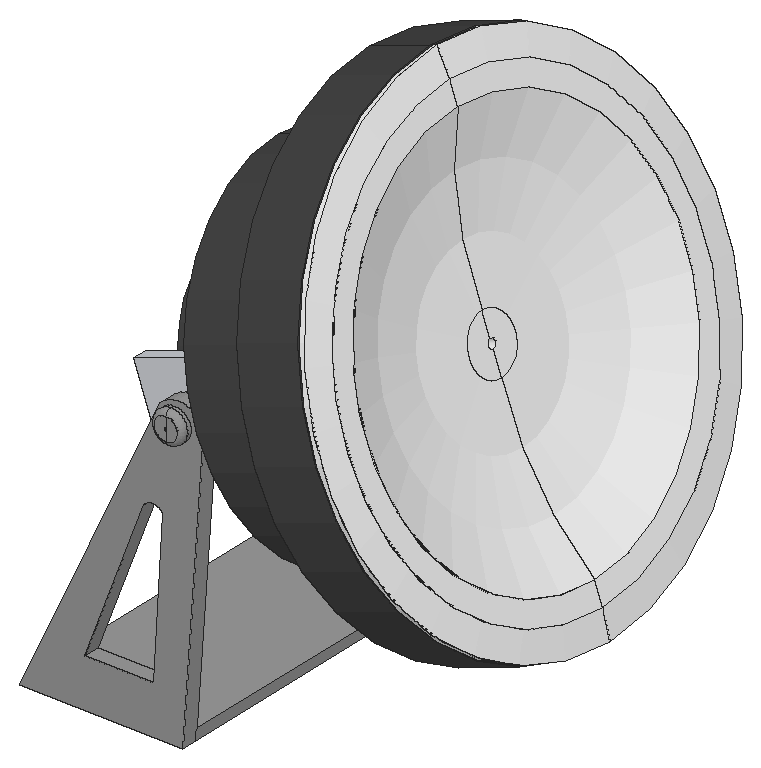
Revit family "Lighting_Outside_L&L-Luce&Light_Moby-P-2.1", category Lighting Fixtures, host Face, Revit 2020
Family settings
  Host = Face
  Round Connector Dimension = Use Diameter
  Part Type = Normal
  Cut with Voids When Loaded = No
  Light Source = No
  Shared = No
  Room Calculation Point = No
Parameters (values of type "MOBY P 2.1 L 2700K 20W 24Vdc")
  Nominal width = "Ø155 mm"
  Nominal height = "173 mm"
  Luce-Light_lumen-output-at-source = "1522 lm (3000K),  RGBW: 884 lm, R: 138 lm G: 259 lm B: 69 lm W: 418 lm (4000K),  cyan: 782 lm"
  Luce-Light_Total_flow_rate = "1078 lm (3000K, 34°),  RGBW: 626 lm, R: 97 lm, G: 184 lm, B: 48 lm, W: 297 lm (4000K, 34°),  cyan: 552 lm (34°)"
  Luce-Light_Screen_material = "glass cover with vitrified serigraphy"
  Luce-Light_Rated_power_input = ""
  Luce-Light_Power_Class = "24Vdc"
  Luce-Light_Power = "20W"
  Luce-Light_Optical_assembly = "22°, 34°, 62°, 31°x64°"
  Luce-Light_Note = ""
  Luce-Light_Mounting = "surface mounted (wall, floor), max depth 10 m"
  Luce-Light_LED_light_sources = "3 power LEDs groups, RGBW: 3 RGBW LEDs groups, Cyan: 3 Cyan LEDs groups"
  Luce-Light_LED_light_intensity = ""
  Luce-Light_LED_colour = "2700K, 3000K, 4000K, RGBW, shades of cyan"
  Luce-Light_IP = "68"
  Luce-Light_IK = "10"
  Luce-Light_Finishes_material = ""
  Luce-Light_Color_Rendering_Index_CRI = "≥80"
  Luce-Light_Classification = "CE"
  Luce-Light_Body_material = "body in thermally conductive plastic, bracket in AISI 316L stainless steel"
  Luce-Light_Applications = "underwater"
  Luce-Light_Accessories = "honeycomb louvre"
  Bracket = L&L Luce&Light - AISI 316L stainless steel
  Cover = L&L Luce&Light - Glass
  Youtube clip = ""
  Uniformat II Description = ""
  Uniformat II Code = ""
  Uniclass 2015 Name = ""
  Uniclass 2015 Code = ""
  Uniclass 2.0 Description = ""
  Uniclass 2.0 Code = ""
  Uniclass 1.4 Description = ""
  Uniclass 1.4 Code = ""
  URL = "https://www.lucelight.it/en/"
  UNSPSC Code = ""
  Technical description = "https://www.lucelight.it/media/prodotti/st/ST_MOBY_P_21.pdf"
  Rotation Light [instance] = 20.00°
  Region South America = "AR, BO, BR, CL, CO, EC, FK, GF, GY, PE, PY, SR, UY, VE"
  Region Oceania = "AS, AU, CK, FJ, FM, GU, KI, MH, MP, NC, NF, NR, NU, NZ, PF, PG, PN, PW, SB, TK, TL, TO, TV, UM, WF, WS, VU"
  Region North America = "AG, AI, AW, BB, BL, BM, BQ, BS, BZ, CA, CR, CU, CW, DM, DO, GD, GL, GP, GT, HN, HT, JM, KN, KY, LC, MF, MQ, MS, MX, NI, PA, PM, PR, SV, SX, TC, TT, US, VC, VG, VI"
  Region Middle East = "AE, AF, BH, EG, IL, IQ, IR, JO, KW, LB, OM, PS, QA, SA, SY, TR, YE"
  Region Europe = "AD, AL, AT, AX, BA, BE, BG, BY, CH, CY, CZ, DE, DK, EE, ES, FI, FO, FR, GB, GG, GI, GR, HR, HU, IE, IM, IS, IT, JE, LI, LT, LU, LV, MC, MD, ME, MK, MT, NL, NO, PL, PT, RO, RS, RU, SE, SI, SJ, SK, SM, UA, VA"
  Region Asia = "AM, AZ, BD, BN, BT, CC, CN, CX, GE, HK, ID, IN, IO, JP, KG, KH, KP, KR, KZ, LA, LK, MM, MN, MO, MV, MY, NP, PH, PK, SG, TH, TJ, TM, TW, UZ, VN"
  Region Antarctica = "None"
  Region Africa = "AO, BF, BI, BJ, BW, CD, CF, CG, CI, CM, CV, DJ, DZ, EH, ER, ET, GA, GH, GM, GN, GQ, GW, KE, KM, LR, LS, LY, MA, MG, ML, MR, MU, MW, MZ, NA, NE, NG, RE, RW, SC, SD, SH, SL, SN, SO, SS, ST, SZ, TD, TG, TN, TZ, UG, YT, ZA, ZM, ZW"
  QR code = "http://bimobject.com/luce-and-light/product/Moby_P_21"
  Product url = "http://www.lucelight.it/en/prodotto.php/7634"
  Product group = "Projector"
  Product family = "Underwater"
  Product data url = "https://bimobject.com/luce-and-light/product/Moby_P_21"
  Product certification = ""
  Product SKU = "Moby_P_21"
  Product Guid = "9471ea1d-403e-42f8-9fdb-8673f634c844"
  OmniClass Description = ""
  OmniClass Code = ""
  NBS Reference Description = ""
  NBS Reference Code = ""
  Masterformat 2014 Description = ""
  Masterformat 2014 Code = ""
  Manufacturer name = "L&L Luce&Light"
  Manufacturer country = "Italy"
  Installation instructions = "https://www.lucelight.it/media/prodotti/si/DPRPMO311_Moby_P_10-11-20-21-30-31.pdf"
  IFC Classification = ""
  GTIN code = ""
  Edition number = 1
  Design country = "Italy"
  Default Elevation = 1219.2 mm
  Manufacturer = "L&L Luce&Light"
  Model = "Moby P 2.1"
  Lamp = "LED"
  Diametro apparecchio = 155 mm
  Description = ""
  Wattage Comments = ""
  Date of publishing = "12/19/2018"
  built-in parameter 1114216 [instance] = 1 (stored number, unit not read)
  COBIe Type Category = ""
  Brand url = "https://www.lucelight.it/en/"
  BIMobject main category code = "lighting"
  BIMobject main category = "Lighting"
  BIMobject category code = "lighting-outside"
  BIMobject category = "Outside"
  Assembly Code = ""
  Apparent Load = 30 VA
  Material = L&L Luce&Light - Thermally conductive plastic
Types (20): name
  MOBY P 2.1 L 2700K 20W 24Vdc
  MOBY P 2.1 L 3000K 20W 24Vdc
  MOBY P 2.1 L 4000K 20W 24Vdc
  MOBY P 2.1 L CYAN 20W 24Vdc
  MOBY P 2.1 L RGBW 20W 24Vdc
  MOBY P 2.1 M 2700K 20W 24Vdc
  MOBY P 2.1 M 3000K 20W 24Vdc
  MOBY P 2.1 M 4000K 20W 24Vdc
  MOBY P 2.1 M CYAN 20W 24Vdc
  MOBY P 2.1 M RGBW 20W 24Vdc
  MOBY P 2.1 S 2700K 20W 24Vdc
  MOBY P 2.1 S 3000K 20W 24Vdc
  MOBY P 2.1 S 4000K 20W 24Vdc
  MOBY P 2.1 S CYAN 20W 24Vdc
  MOBY P 2.1 S RGBW 20W 24Vdc
  MOBY P 2.1 W 2700K 20W 24Vdc
  MOBY P 2.1 W 3000K 20W 24Vdc
  MOBY P 2.1 W 4000K 20W 24Vdc
  MOBY P 2.1 W CYAN 20W 24Vdc
  MOBY P 2.1 W RGBW 20W 24Vdc
Reference planes
  plane 1 "Centro (Fronte/Retro)": y = 0
  plane 2: z = 0
  plane 3 "Centro (Sinistra/Destra)": x = 0
  plane 4: z = 88.152
Forms (mm)
  Extrusion 1, solid, material "L&L Luce&Light - AISI 316L stainless steel" <- "Bracket"
    sketch origin (-0.279, 0, 0) x (1, 0, 0) y (0, 0, 1)
      loop
        line (-47.116, 0) -> (2.701, 0) -> (8.918, 86.068)
        arc (8.918, 86.068) -> (4.89, 94.391) -> (-4.16, 92.495) r 7.509
        line (-4.16, 92.495) -> (-47.116, 0)
      loop
        line (-9.163, 62.843) -> (-27.368, 15) -> (-6.025, 15) -> (-3.197, 62.321)
        arc (-3.197, 62.321) -> (-6.026, 64.345) -> (-9.163, 62.843) r 3.418
      loop
        circle (0.709, 88.154) r 4.106
    from 44.052 to 49.052
  Extrusion 2, solid, material "L&L Luce&Light - AISI 316L stainless steel" <- "Bracket"
    sketch origin (-0.279, 0, 0) x (1, 0, 0) y (0, 0, 1)
      loop
        line (-47.116, 0) -> (2.701, 0) -> (8.918, 86.068)
        arc (8.918, 86.068) -> (4.89, 94.391) -> (-4.16, 92.495) r 7.509
        line (-4.16, 92.495) -> (-47.116, 0)
      loop
        circle (0.709, 88.154) r 4.106
      loop
        line (-6.025, 15) -> (-3.197, 62.321)
        arc (-3.197, 62.321) -> (-6.026, 64.345) -> (-9.163, 62.843) r 3.418
        line (-9.163, 62.843) -> (-27.368, 15) -> (-6.025, 15)
    from -47.246 to -42.246
  Extrusion 3, solid, material "L&L Luce&Light - AISI 316L stainless steel" <- "Bracket"
    sketch origin (-1.871, 0, 0) x (1, 0, 0) y (0, 0, 1)
      loop
        line (4.292, 0) -> (4.568, 3.152) -> (-43.777, 3.152) -> (-45.525, 0) -> (4.292, 0)
    from -42.246 to 44.052
  Revolve 4, solid, material "L&L Luce&Light - Thermally conductive plastic"
    sketch origin (0, 0, 88.152) x (0.939693, 0, 0.34202) y (-0.34202, 0, 0.939693)
      loop
        line (-12.78, 30) -> (-12.78, 5) -> (55.352, 5)
        arc (55.352, 5) -> (57.492, 36.373) -> (70.352, 65.069) r 89.483
        line (70.352, 65.069) -> (70.352, 77.5) -> (50.352, 77.5) -> (50.352, 55) -> (12.351, 55) -> (12.351, 30) -> (-12.78, 30)
      axis (70.352, 0) -> (-12.78, 0)
    angle from 0 to 360
  Revolve 5, solid, material "L&L Luce&Light - Glass" <- "Cover"
    sketch origin (0, 0, 88.152) x (0.939693, 0, 0.34202) y (-0.34202, 0, 0.939693)
      loop
        line (70.352, 77.374) -> (70.352, 62.374)
        arc (70.352, 62.374) -> (60.619, 36.328) -> (58.917, 8.576) r 94.153
        line (58.917, 8.576) -> (58.917, 1.524) -> (61.906, 1.524) -> (61.906, 8.836)
        arc (61.906, 8.836) -> (63.614, 35.986) -> (73.257, 61.423) r 91.153
        line (73.257, 61.423) -> (73.257, 68.617) -> (72.182, 77.374) -> (70.352, 77.374)
      axis (58.917, 0) -> (73.257, 0)
    angle from 0 to 360
  Revolve 6, solid, material "L&L Luce&Light - AISI 316L stainless steel" <- "Bracket"
    sketch origin (0, 0, 0.171) x (0, 1, 0) y (0, 0, 1)
      loop
        line (47.246, 93.149) -> (47.246, 88.466) -> (50.444, 88.466) -> (50.444, 91.723)
        arc (50.444, 91.723) -> (49.65, 92.757) -> (48.407, 93.149) r 2.168
        line (48.407, 93.149) -> (47.246, 93.149)
      axis (47.246, 88.152) -> (50.444, 88.152)
    angle from 0 to 360
  Revolve 7, solid, material "L&L Luce&Light - AISI 316L stainless steel" <- "Bracket"
    sketch origin (0, -1.845, 0.171) x (0, -1, 0) y (0, 0, 1)
      loop
        line (47.246, 93.149) -> (47.246, 88.466) -> (50.444, 88.466) -> (50.444, 91.723)
        arc (50.444, 91.723) -> (49.65, 92.757) -> (48.407, 93.149) r 2.168
        line (48.407, 93.149) -> (47.246, 93.149)
      axis (47.246, 88.152) -> (50.444, 88.152)
    angle from 0 to 360
  Extrusion 8, solid
    sketch origin (0, 0, 88.152) x (0.939693, 0, 0.34202) y (-0.34202, 0, 0.939693)
      loop
        line (12, 15.421) -> (-12, 15.421) -> (-12, -12) -> (12, -12) -> (12, 15.421)
    from 39.367 to 44.052
  Extrusion 9, solid
    sketch origin (0, 0, 88.152) x (0.939693, 0, 0.34202) y (-0.34202, 0, 0.939693)
      loop
        line (12, 15.421) -> (-12, 15.421) -> (-12, -12) -> (12, -12) -> (12, 15.421)
    from -42.246 to -38.155
Lines and regions (mm)
  reference lines
    curve 1: line (0, 0, 88.152) -> (75.175, 0, 115.514)
Dimensions and locks
  Extrusion 1 to Extrusion 2 = 86.298 mm
  locked: Extrusion 2 to Extrusion 2 at 5
  locked: Extrusion 1 to Extrusion 1 at 5
  "Rotation Light": angle plane 4 to curve 1
  aligned and locked: plane 2 to host face
  aligned and locked: level to host face
  aligned and locked: Extrusion 3 to Extrusion 2
  aligned and locked: Extrusion 3 to Extrusion 1
  aligned and locked: plane 4 to curve 1
  aligned and locked: plane 3 "Centro (Sinistra/Destra)" to curve 1
Automatic sketch dimensions
  host sketch curve to host sketch curve = 2438.4 mm  (x2)
  Extrusion 1 sketch curve to Extrusion 1 sketch curve = 0 mm  (x2)
  Extrusion 1 sketch curve to level = 0 mm
  Extrusion 1 sketch curve to plane 3 "Centro (Sinistra/Destra)" = 47.395 mm
  Extrusion 1 sketch curve to Extrusion 1 sketch curve = 19.748 mm
  Extrusion 1 sketch curve to plane 3 "Centro (Sinistra/Destra)" = 9.442 mm
  Extrusion 1 sketch curve to Extrusion 1 sketch curve = 2.839 mm
  Extrusion 1 sketch curve to plane 3 "Centro (Sinistra/Destra)" = 6.304 mm
  Extrusion 1 sketch curve to plane 3 "Centro (Sinistra/Destra)" = 4.439 mm
  Extrusion 1 sketch curve to Extrusion 1 sketch curve = 3.126 mm
  plane 4 to Extrusion 1 sketch curve = 0.002 mm
  plane 3 "Centro (Sinistra/Destra)" to Extrusion 1 sketch curve = 0.43 mm
  Extrusion 1 sketch curve to plane 4 = 0.501 mm
  Extrusion 1 sketch curve to Extrusion 1 sketch curve = 0.869 mm
  plane 3 "Centro (Sinistra/Destra)" to Extrusion 1 sketch curve = 2.422 mm
  Extrusion 1 sketch curve to plane 4 = 2.084 mm
  Extrusion 1 sketch curve to Extrusion 1 sketch curve = 7.34 mm
  level to Extrusion 1 sketch curve = 15 mm
  Extrusion 1 sketch curve to plane 4 = 27.213 mm
  Extrusion 1 sketch curve to Extrusion 1 sketch curve = 1.382 mm
  Extrusion 1 sketch curve to plane 3 "Centro (Sinistra/Destra)" = 3.676 mm
  Extrusion 2 sketch curve to level = 0 mm
  Extrusion 2 sketch curve to plane 3 "Centro (Sinistra/Destra)" = 47.395 mm
  Extrusion 2 sketch curve to Extrusion 2 sketch curve = 19.748 mm
  Extrusion 2 sketch curve to plane 3 "Centro (Sinistra/Destra)" = 9.442 mm
  Extrusion 2 sketch curve to Extrusion 2 sketch curve = 2.839 mm
  Extrusion 2 sketch curve to plane 3 "Centro (Sinistra/Destra)" = 6.304 mm
  Extrusion 2 sketch curve to plane 3 "Centro (Sinistra/Destra)" = 4.439 mm
  Extrusion 2 sketch curve to Extrusion 2 sketch curve = 3.126 mm
  plane 4 to Extrusion 2 sketch curve = 0.002 mm
  plane 3 "Centro (Sinistra/Destra)" to Extrusion 2 sketch curve = 0.43 mm
  Extrusion 2 sketch curve to plane 4 = 0.501 mm
  Extrusion 2 sketch curve to Extrusion 2 sketch curve = 0.869 mm
  plane 3 "Centro (Sinistra/Destra)" to Extrusion 2 sketch curve = 2.422 mm
  Extrusion 2 sketch curve to plane 4 = 2.084 mm
  Extrusion 2 sketch curve to Extrusion 2 sketch curve = 7.34 mm
  level to Extrusion 2 sketch curve = 15 mm
  Extrusion 2 sketch curve to plane 4 = 27.213 mm
  Extrusion 2 sketch curve to Extrusion 2 sketch curve = 1.382 mm
  Extrusion 3 sketch curve to level = 0 mm
  Extrusion 3 sketch curve to plane 3 "Centro (Sinistra/Destra)" = 47.395 mm
  level to Extrusion 3 sketch curve = 3.152 mm
  Extrusion 3 sketch curve to Extrusion 3 sketch curve = 1.747 mm
  plane 3 "Centro (Sinistra/Destra)" to Extrusion 3 sketch curve = 2.422 mm
  plane 3 "Centro (Sinistra/Destra)" to Extrusion 3 sketch curve = 2.698 mm
  plane 4 to Revolve 6 sketch curve = 5.168 mm
  Revolve 6 sketch curve to plane 1 "Centro (Fronte/Retro)" = 47.246 mm
  Revolve 6 sketch curve to Revolve 6 sketch curve = 1.161 mm
  Revolve 6 sketch curve to Revolve 6 sketch curve = 2.037 mm
  Revolve 6 sketch curve to Revolve 6 sketch curve = 1.426 mm
  plane 4 to Revolve 6 sketch curve = 0.485 mm
  plane 4 to Revolve 6 sketch curve = 0.171 mm
  Revolve 6 sketch curve to Revolve 6 sketch curve = 1.264 mm
  Revolve 6 sketch curve to Revolve 6 sketch curve = 0.075 mm
  Revolve 7 sketch curve to plane 4 = 5.168 mm
  Revolve 7 sketch curve to plane 1 "Centro (Fronte/Retro)" = 49.091 mm
  Revolve 7 sketch curve to Revolve 7 sketch curve = 1.161 mm
  Revolve 7 sketch curve to Revolve 7 sketch curve = 2.037 mm
  Revolve 7 sketch curve to Revolve 7 sketch curve = 1.426 mm
  Revolve 7 sketch curve to plane 4 = 0.485 mm
  Revolve 7 sketch curve to plane 4 = 0.171 mm
  Revolve 7 sketch curve to Revolve 7 sketch curve = 1.264 mm
  Revolve 7 sketch curve to Revolve 7 sketch curve = 0.075 mm
  Extrusion 8 sketch curve to curve 1 = 12 mm
  curve 1 to Extrusion 8 sketch curve = 12 mm  (x2)
  curve 1 to Extrusion 8 sketch curve = 15.421 mm
  Extrusion 9 sketch curve to curve 1 = 12 mm
  curve 1 to Extrusion 9 sketch curve = 12 mm  (x2)
  curve 1 to Extrusion 9 sketch curve = 15.421 mm
  Revolve 4 sketch curve to curve 1 = 0 mm
  Revolve 4 sketch curve to curve 1 = 12.78 mm
  curve 1 to Revolve 4 sketch curve = 12.351 mm
  Revolve 4 sketch curve to curve 1 = 29.648 mm
  Revolve 4 sketch curve to curve 1 = 5 mm
  Revolve 4 sketch curve to curve 1 = 24.648 mm
  Revolve 4 sketch curve to curve 1 = 9.648 mm
  Revolve 4 sketch curve to curve 1 = 14.694 mm
  curve 1 to Revolve 4 sketch curve = 64.309 mm
  curve 1 to Revolve 4 sketch curve = 30 mm
  curve 1 to Revolve 4 sketch curve = 55 mm
  Revolve 4 sketch curve to Revolve 4 sketch curve = 22.5 mm
  Revolve 4 sketch curve to Revolve 4 sketch curve = 25 mm
  Revolve 4 sketch curve to Revolve 4 sketch curve = 5 mm
  Revolve 5 sketch curve to Revolve 5 sketch curve = 0 mm  (x2)
  Revolve 5 sketch curve to curve 1 = 0 mm
  Revolve 5 sketch curve to curve 1 = 1.524 mm
  Revolve 5 sketch curve to curve 1 = 21.083 mm
  Revolve 5 sketch curve to Revolve 5 sketch curve = 2.989 mm
  Revolve 5 sketch curve to curve 1 = 9.648 mm
  Revolve 5 sketch curve to Revolve 5 sketch curve = 2.905 mm
  Revolve 5 sketch curve to curve 1 = 16.753 mm
  curve 1 to Revolve 5 sketch curve = 72.715 mm
  Revolve 5 sketch curve to Revolve 5 sketch curve = 7.051 mm
  Revolve 5 sketch curve to Revolve 5 sketch curve = 0.261 mm
  curve 1 to Revolve 5 sketch curve = 68.617 mm
  Revolve 5 sketch curve to Revolve 5 sketch curve = 8.757 mm
  Revolve 5 sketch curve to Revolve 5 sketch curve = 5.423 mm
  Revolve 5 sketch curve to Revolve 5 sketch curve = 13.494 mm
  Revolve 5 sketch curve to Revolve 5 sketch curve = 1.83 mm
  radius of Extrusion 2 sketch curve = 4.106 mm
Nested families
  nested 1: "Famiglia1" at (58.323, 3.108, 108.912) x (0, 1, 0) z (0.9397, 0, 0.342), type "MOBY P 2.1 L 2700K 20W 24Vdc"
Connectors
  electrical at (-21.475, -0.903, 3.152)
    settings: on Extrusion 3, index 1, voltage 0 V, apparent load 0 VA, apparent load phase1 20 VA, apparent load phase2 0 VA, apparent load phase3 0 VA, power factor 1, load classification "Altro", number of poles 1, system type 31, power factor state 1, is connector primary yes, connector utility no, sub classification motor no, connector description ""
Definition of nested family "Famiglia1"
  Parameters (values of type "MOBY P 2.1 W RGBW 20W 24Vdc")
    Wattage = 20 W
    Emit from Circle Diameter = 155 mm
    Emit Shape Visible in Rendering = no
    Dimming Lamp Color Temperature Shift = (empty or 0)
    built-in parameter 1150107 = 2700 (stored number, unit not read)
    Default Elevation = 1219.2 mm
    built-in parameter 1150110 = 1 (stored number, unit not read)
    built-in parameter 1150109 = 1 (stored number, unit not read)
    built-in parameter 1114218 = 1 (stored number, unit not read)
    built-in parameter 1150112 = 1 (stored number, unit not read)
    built-in parameter 1150137 = (empty or 0)
    built-in parameter 1150132 = (empty or 0)
    built-in parameter 1150105 = 121.12 (stored number, unit not read)
    built-in parameter 1150102 = (empty or 0)
    built-in parameter 1150106 = 1.2112 (stored number, unit not read)
    Lumens = 1522 lm
    Color Filter = 16777215
    Photometric Web File = "MOBY P 2.1 W [RGBW 20W 24Vdc].IES"
    built-in parameter 1114217 = 1 (stored number, unit not read)
    built-in parameter 1150139 = (empty or 0)
    built-in parameter 1150104 = 7.0699 (stored number, unit not read)
    built-in parameter 1150115 = 1 (stored number, unit not read)
    built-in parameter 1150114 = 1 (stored number, unit not read)
    built-in parameter 1150113 = 1 (stored number, unit not read)
    built-in parameter 1150134 = (empty or 0)
    built-in parameter 1150138 = (empty or 0)
    Apparent Load = 20 VA
    Tilt Angle = 90.00°
    built-in parameter 1150133 = 10 (stored number, unit not read)
  Types (20, lengths in mm): name | built-in parameter 1150107 | Photometric Web File | built-in parameter 1150134
    MOBY P 2.1 L 2700K 20W 24Vdc | 2700 (stored number, unit not read) | "MOBY P 2.1 L [2700K 20W 24Vdc].IES" | (empty or 0)
    MOBY P 2.1 L 3000K 20W 24Vdc | 3000 (stored number, unit not read) | "MOBY P 2.1 L [3000K 20W 24Vdc].IES" | (empty or 0)
    MOBY P 2.1 L 4000K 20W 24Vdc | 4000 (stored number, unit not read) | "MOBY P 2.1 L [4000K 20W 24Vdc].IES" | 12
    MOBY P 2.1 L CYAN 20W 24Vdc | 2700 (stored number, unit not read) | "MOBY P 2.1 L [CYAN 20W 24Vdc].IES" | (empty or 0)
    MOBY P 2.1 L RGBW 20W 24Vdc | 2700 (stored number, unit not read) | "MOBY P 2.1 L [RGBW 20W 24Vdc].IES" | (empty or 0)
    MOBY P 2.1 M 2700K 20W 24Vdc | 2700 (stored number, unit not read) | "MOBY P 2.1 M [2700K 20W 24Vdc].IES" | (empty or 0)
    MOBY P 2.1 M 3000K 20W 24Vdc | 3000 (stored number, unit not read) | "MOBY P 2.1 M [3000K 20W 24Vdc].IES" | (empty or 0)
    MOBY P 2.1 M 4000K 20W 24Vdc | 4000 (stored number, unit not read) | "MOBY P 2.1 M [4000K 20W 24Vdc].IES" | 12
    MOBY P 2.1 M CYAN 20W 24Vdc | 2700 (stored number, unit not read) | "MOBY P 2.1 M [CYAN 20W 24Vdc].IES" | (empty or 0)
    MOBY P 2.1 M RGBW 20W 24Vdc | 2700 (stored number, unit not read) | "MOBY P 2.1 M [RGBW 20W 24Vdc].IES" | (empty or 0)
    MOBY P 2.1 S 2700K 20W 24Vdc | 2700 (stored number, unit not read) | "MOBY P 2.1 S [2700K 20W 24Vdc].IES" | (empty or 0)
    MOBY P 2.1 S 3000K 20W 24Vdc | 3000 (stored number, unit not read) | "MOBY P 2.1 S [3000K 20W 24Vdc].IES" | (empty or 0)
    MOBY P 2.1 S 4000K 20W 24Vdc | 4000 (stored number, unit not read) | "MOBY P 2.1 S [4000K 20W 24Vdc].IES" | 12
    MOBY P 2.1 S CYAN 20W 24Vdc | 2700 (stored number, unit not read) | "MOBY P 2.1 S [CYAN 20W 24Vdc].IES" | (empty or 0)
    MOBY P 2.1 S RGBW 20W 24Vdc | 2700 (stored number, unit not read) | "MOBY P 2.1 S [RGBW 20W 24Vdc].IES" | (empty or 0)
    MOBY P 2.1 W 2700K 20W 24Vdc | 2700 (stored number, unit not read) | "MOBY P 2.1 W [2700K 20W 24Vdc].IES" | (empty or 0)
    MOBY P 2.1 W 3000K 20W 24Vdc | 3000 (stored number, unit not read) | "MOBY P 2.1 W [3000K 20W 24Vdc].IES" | (empty or 0)
    MOBY P 2.1 W 4000K 20W 24Vdc | 4000 (stored number, unit not read) | "MOBY P 2.1 W [4000K 20W 24Vdc].IES" | 12
    MOBY P 2.1 W CYAN 20W 24Vdc | 2700 (stored number, unit not read) | "MOBY P 2.1 W [CYAN 20W 24Vdc].IES" | (empty or 0)
    MOBY P 2.1 W RGBW 20W 24Vdc | 2700 (stored number, unit not read) | "MOBY P 2.1 W [RGBW 20W 24Vdc].IES" | (empty or 0)
  Reference planes
    plane 1 "Centro (Fronte/Retro)": y = 0
    plane 2: z = 0
    plane 3 "Centro (Sinistra/Destra)": x = 0
  Forms (mm)
    Extrusion 1, solid
      sketch origin (0, 0, -304.8) x (0, 1, 0) y (-1, 0, 0)
        loop
          line (1219.2, -1219.2) -> (1219.2, 1219.2) -> (-1219.2, 1219.2) -> (-1219.2, -1219.2) -> (1219.2, -1219.2)
      from 304.8 to -304.8
  Dimensions and locks
    aligned and locked: plane 2 to Extrusion 1
    aligned and locked: level to Extrusion 1
